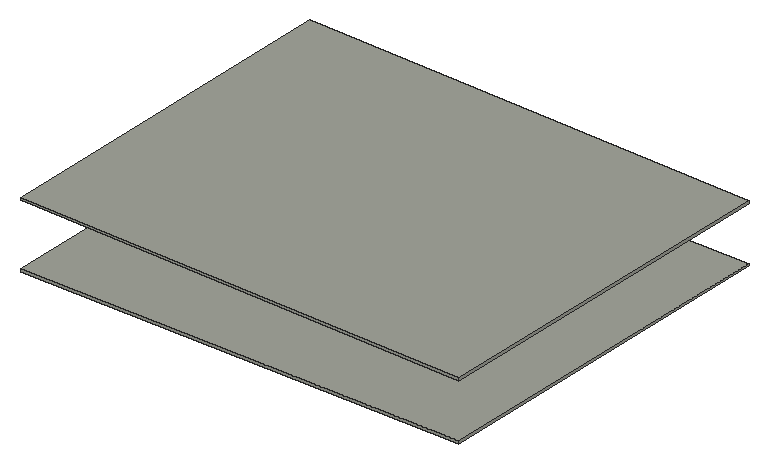
Revit family "CT_Pilotis_Lj_Dupla", category Structural Framing, Revit 2025
Family settings
  Display in Hidden Views = Edges Hidden by Other Members
  Structural Framing Length Roundoff = 0.000 m
  Section Shape = Not Defined
  Material for Model Behavior = Concrete
  Always export as geometry = No
  OmniClass Number = 23.25.30.11.14.14
  OmniClass Title = Beams
  Always vertical = Yes
  Cut with Voids When Loaded = No
  Symbolic Representation = From Family
  Shared = No
  Show family pre-cut in plan views = Yes
Parameters (values of type "LAJ_012x130_PLT_CON_DUP_COB")
  Structural Material [instance] = CT_Concreto
  Modulo_Inferior [instance] = 7.380 m
  Modulo_Superior [instance] = 7.300 m
  Material_Laje_Superior = CT_Concreto
  Material_Laje_Inferior = CT_Concreto
  H2 [instance] = 1.140 m
  Assembly Code = ""
  Length [instance] = 8.950 m
  b = 0.120 m
  h = 1.300 m
Reference planes (m)
  plane 1 "Center (Front/Back)": y = 0
  plane 2: z = 0
  plane 3 "Center (Left/Right)": x = 5.20261
  plane 4: z = 1.3
  plane 5 "Left": x = 0.72761
  plane 6 "Right": x = 9.67761
  plane 7: z = 1.14
  plane 8: y = 7.38
  plane 9: y = 3.69
Forms (m)
  Extrusion 1, solid, material "CT_Concreto" <- "Material_Laje_Inferior"
    sketch origin (0, 0, -0.05) x (1, 0, 0) y (0, 0, 1)
      loop
        line (0.72761, 0) -> (9.67761, 0) -> (9.67761, 0.05) -> (0.72761, 0.05) -> (0.72761, 0)
    from -7.38 to 0
  Extrusion 2, solid, material "CT_Concreto" <- "Material_Laje_Superior"
    sketch origin (0, 0, -0.05) x (1, 0, 0) y (0, 0, 1)
      loop
        line (0.72761, 1.35) -> (0.72761, 1.299992) -> (9.67761, 1.139992) -> (9.67761, 1.19) -> (0.72761, 1.35)
    from -7.38 to 0
Dimensions and locks (m)
  plane 2 to plane 4 = 1.300 m
  "Length": plane 5 "Left" to plane 6 "Right"
  "h": plane 4 to plane 2
  "H2": plane 7 to level
  Extrusion 1 to Extrusion 1 = 7.380 m  (x2)
  equal spacing: plane 8, plane 9, plane 1 "Center (Front/Back)"
  "Modulo_Inferior": plane 8 to plane 1 "Center (Front/Back)"
  Extrusion 1 to plane 9 to Extrusion 1 = 3.690 m, 3.690 m
  aligned and locked: plane 6 "Right" to Extrusion 1 sketch curve
  aligned and locked: Extrusion 1 sketch curve to plane 5 "Left"
  aligned and locked: plane 1 "Center (Front/Back)" to Extrusion 1
  aligned and locked: Extrusion 1 to plane 8
  aligned and locked: Extrusion 1 to level
  aligned and locked: Extrusion 1 to plane 6 "Right"
  aligned and locked: Extrusion 2 to plane 6 "Right"
  aligned and locked: plane 5 "Left" to Extrusion 2
  aligned and locked: plane 5 "Left" to Extrusion 1
  aligned and locked: Extrusion 1 to plane 1 "Center (Front/Back)"
  aligned and locked: plane 1 "Center (Front/Back)" to Extrusion 2
  aligned and locked: Extrusion 2 to plane 8
  aligned and locked: plane 8 to Extrusion 1
Automatic sketch dimensions
  Extrusion 1 sketch curve to level = 0.000 m
  Extrusion 1 sketch curve to level = 0.050 m
  Extrusion 2 sketch curve to plane 6 "Right" = 0.000 m
  plane 4 to Extrusion 2 sketch curve = 0.210008 m
  Extrusion 2 sketch curve to Extrusion 2 sketch curve = 0.050008 m  (x2)
  plane 4 to Extrusion 2 sketch curve = 0.050008 m
  plane 5 "Left" to Extrusion 2 sketch curve = 0.000 m
